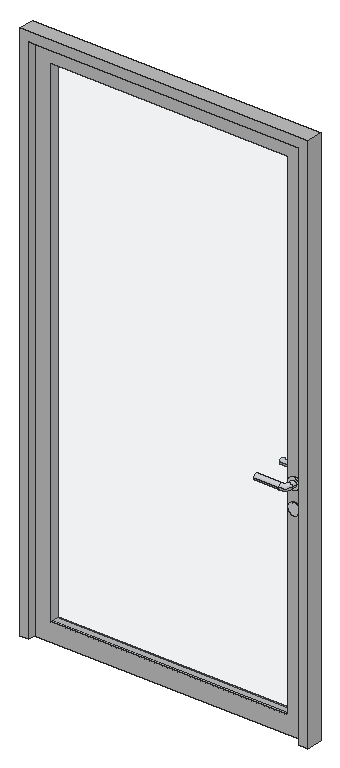
Revit family "BRU_Дверь_Однопольная_Алюминиевая", category Двери, Revit 2021
Family settings
  Основа = Стена
  Номер OmniClass = 23.30.10.00
  Заголовок OmniClass = Doors
  Всегда вертикально = Да
  При загрузке вырезать с полостями = Нет
  Общий = Нет
  Точка принадлежности помещению = Нет
Parameters (values of type "ДАВ-О-Вн 1300х2400(h) Пр")
  Четверть сверху.Размер [instance] = 30 mm
  Четверть (есть/нет) [instance] = no
  Четверть сверху [instance] = if([Четверть (есть/нет)], Четверть сверху.Размер, 0 mm)  # 0 mm
  Четверть сбоку [instance] = if([Четверть (есть/нет)], Четверти сбоку.Размер, 0 mm)  # 0 mm
  Четверти сбоку.Размер [instance] = 30 mm
  Угол в плане 30 [instance] = yes
  Тип полотна двери = Полотно : Остекленное
  Ручка двери = none
  Рама двери.Ширина справа = 80 mm
  Рама двери.Ширина слева = 80 mm
  Рама двери.Ширина внизу = 80 mm
  Рама двери.Ширина вверху = 80 mm
  Полотно двери. Высота = Height - Коробка.Ширина - 20 mm  # 2350 mm
  Площадь [instance] = Rough Width * Rough Height  # 2.9988 m²
  Откосы.Ширина [instance] = 530 mm
  Define Thermal Properties by = 1
  Fire Rating = ""
  О_Обозначение = ""
  О_Наименование = ""
  Монтажный зазор снизу.Толщина [instance] = 130 mm
  Монтажный зазор сверху.Толщина = 20 mm
  Коробка.Ширина = 30 mm
  Коробка.Толщина = 70 mm
  Правая = yes
  Полотно.Толщина = 40 mm
  Полотно двери = none
  Остекление двери = none
  Наличник.Ширина [instance] = 60 mm
  Наличник.Толщина [instance] = 10 mm
  Наличник снаружи (есть/нет) [instance] = no
  Наличник внутри (есть/нет) [instance] = no
  Монтажный зазор сбоку.Толщина = 20 mm
  Type Comments = ""
  Глубина выреза проема наружу [instance] = 200 mm
  Глубина выреза проема внутрь [instance] = 200 mm
  Глубина вставки двери [instance] = 0 mm
  Левая = not(Правая)  # no
  Защитное ограждение (есть/нет) = no
  Огибание наружных слоев [instance] = 0 mm
  Width = 1300 mm
  Rough Width [instance] = Width - Монтажный зазор сбоку.Толщина * 2  # 1260 mm
  Rough Height [instance] = Height - Монтажный зазор сверху.Толщина  # 2380 mm
  Группа модели = "Дверь остекленная без порога"
  Manufacturer = ""
  Wall Closure = (empty or 0)
  Height = 2400 mm
  Description = ""
  Тип конструкций = "Дверь стальная"
  Аналитическая конструкция = "<Нет>"
  BRU_ДверьТип = "BRU_Дверь_Однопольная_Алюминиевая_МОП"
  ADSK_Этаж [instance] = ""
  ADSK_Толщина стены [instance] = 0 mm
  ADSK_Примечание [instance] = ""
  ADSK_Предел огнестойкости = "-"
  ADSK_Позиция [instance] = ""
  ADSK_Открывание = if(Правая, "Правая", "Левая")  # "Правая"
  ADSK_Обозначение = "ГОСТ 6629-88"  # constant formula
  ADSK_Наименование краткое = ""
  ADSK_Наименование = "ДАВ-О-Вн 1300х2400(h)"
  ADSK_Масса_Текст = ""
  ADSK_Количество [instance] = 0
  ADSK_Код изделия = ""
  ADSK_Зона [instance] = ""
  ADSK_Завод-изготовитель = ""
  ADSK_Единица измерения = ""
  ADSK_Группирование [instance] = ""
  ADSK_URL страницы изделия = ""
  ADSK_URL документации изделия = ""
Types (10, lengths in mm): name | Полотно двери. Высота | Площадь | Правая | Левая | Width | Rough Width | Rough Height | Группа модели | Height | BRU_ДверьТип | ADSK_Предел огнестойкости | ADSK_Открывание | ADSK_Наименование
  ДАВ-О-Н-EIW30 1150х2100(h) Л | 2050 | 2.3088 m² | no | yes | 1150 | 1110 | 2080 | "Дверь остекленная без порога" | 2100 | "BRU_Дверь_Однопольная_Алюминиевая_МОП_Противопожарная" | "EIW30" | "Левая" | "ДАВ-О-Н-EIW30 1150х2100(h)"
  ДАВ-О-Н-EIW30 1150х2100(h) Пр | 2050 | 2.3088 m² | yes | no | 1150 | 1110 | 2080 | "Дверь остекленная без порога" | 2100 | "BRU_Дверь_Однопольная_Алюминиевая_МОП_Противопожарная" | "EIW30" | "Правая" | "ДАВ-О-Н-EIW30 1150х2100(h)"
  ДАВ-О-Н-EIW30 1300х2400(h) Л | 2330 | 2.8792 m² | no | yes | 1260 | 1220 | 2360 | "Дверь остекленная без порога" | 2380 | "BRU_Дверь_Однопольная_Алюминиевая_МОП_Противопожарная" | "EIW30" | "Левая" | "ДАВ-О-Н-EIW30 1300х2400(h)"
  ДАВ-О-Вн 1300х2400(h) Пр | 2350 | 2.9988 m² | yes | no | 1300 | 1260 | 2380 | "Дверь остекленная без порога" | 2400 | "BRU_Дверь_Однопольная_Алюминиевая_МОП" | "-" | "Правая" | "ДАВ-О-Вн 1300х2400(h)"
  ДАВ-О-Вн 1300х2400(h) Л | 2350 | 2.9988 m² | no | yes | 1300 | 1260 | 2380 | "Дверь остекленная без порога" | 2400 | "BRU_Дверь_Однопольная_Алюминиевая_МОП" | "-" | "Левая" | "ДАВ-О-Вн 1300х2400(h)"
  ДАВ-О-Н-EIWS60 1300х2100(h) Пр | 2050 | 2.6208 m² | yes | no | 1300 | 1260 | 2080 | "Дверь остекленная с выпадающим порогом" | 2100 | "BRU_Дверь_Однопольная_Алюминиевая_МОП_Противопожарная" | "EIWS60" | "Правая" | "ДАВ-О-Н-EIWS60 1300х2100(h)"
  ДАВ-О-Н-EIWS60 1300х2100(h) Л | 2050 | 2.6208 m² | no | yes | 1300 | 1260 | 2080 | "Дверь остекленная с выпадающим порогом" | 2100 | "BRU_Дверь_Однопольная_Алюминиевая_МОП_Противопожарная" | "EIWS60" | "Левая" | "ДАВ-О-Н-EIWS60 1300х2100(h)"
  ДАВ-О-Вн-EIW30 1300х2400(h) Пр | 2350 | 2.9988 m² | yes | no | 1300 | 1260 | 2380 | "Дверь остекленная без порога" | 2400 | "BRU_Дверь_Однопольная_Алюминиевая_МОП_Противопожарная" | "EIW30" | "Правая" | "ДАВ-О-Вн-EIW30 1300х2400(h)"
  ДАВ-О-Вн-EIW30 1300х2400(h) Л | 2050 | 2.6208 m² | no | yes | 1300 | 1260 | 2080 | "Дверь остекленная без порога" | 2100 | "BRU_Дверь_Однопольная_Алюминиевая_МОП_Противопожарная" | "EIW30" | "Левая" | "ДАВ-О-Вн-EIW30 1300х2400(h)"
  ДАВ-О-Н-EIW30 1300х2400(h) Пр | 2330 | 2.8792 m² | yes | no | 1260 | 1220 | 2360 | "Дверь остекленная без порога" | 2380 | "BRU_Дверь_Однопольная_Алюминиевая_МОП_Противопожарная" | "EIW30" | "Правая" | "ДАВ-О-Н-EIW30 1300х2400(h)"
Reference planes
  plane 1: y = 0
  plane 2 "По центру (Влево/Вправо)": x = 0
  plane 3 "Слева": x = -630
  plane 4 "Справа": x = 630
  plane 5: z = 2530
  plane 6 "Наружный": y = 300
  plane 7 "Внутренние": y = -300
  plane 8 "Вставка двери": y = 300
  plane 9 "Четверть слева": x = -630
  plane 10 "Четверть справа": x = 630
  plane 11 "Четверть сверху": z = 2530
  plane 12 "Полотно двери": y = 260
  plane 13 "Рама внутри": y = 230
  plane 14 "Монтажный зазор слева": x = -650
  plane 15 "Монтажный зазор справа": x = 650
  plane 16 "Монтажный зазор сверху": z = 2510
  plane 17 "Глубина огибания наружного слоя": y = 300
  plane 18: y = 310
  plane 19: x = 620
  plane 20: y = -310
  plane 21: x = -620
  plane 22: y = 500
  plane 23: y = -500
  plane 24 "2": z = 130
Forms (mm)
  Extrusion 1, void
    sketch origin (0, 0, 0) x (1, 0, 0) y (0, 1, 0)
      loop
        line (650, 300) -> (-650, 300) -> (-650, -500) -> (650, -500) -> (650, 300)
    from 0 to 2530
  Extrusion 2, void
    sketch origin (0, 0, 0) x (1, 0, 0) y (0, 1, 0)
      loop
        line (650, 500) -> (-650, 500) -> (-650, 300) -> (650, 300) -> (650, 500)
    from 0 to 2530
  Sweep 3, solid, material <- "Полотно двери", visible <- "Наличник снаружи (есть/нет)", detail levels fine
    path origin (0, 300, 0) x (1, 0, 0) y (0, 0, 1)
      loop
        line (-630, 130) -> (-630, 2530) -> (630, 2530) -> (630, 130)
    profile origin (-630, 300, 1330) x (-1, 0, 0) y (0, -1, 0)
      loop
        line (-10, 0) -> (-10, -5)
        arc (-10, -5) -> (-8.536, -8.536) -> (-5, -10) r 5
        line (-5, -10) -> (45, -10)
        arc (45, -10) -> (48.536, -8.536) -> (50, -5) r 5
        line (50, -5) -> (50, 0) -> (-10, 0)
  Sweep 4, solid, material <- "Полотно двери", visible <- "Наличник внутри (есть/нет)", detail levels fine
    path origin (0, -300, 0) x (1, 0, 0) y (0, 0, 1)
      loop
        line (-630, 130) -> (-630, 2530) -> (630, 2530) -> (630, 130)
    profile origin (-630, -300, 1330) x (-1, 0, 0) y (0, -1, 0)
      loop
        line (20, 0) -> (80, 0) -> (80, 5)
        arc (80, 5) -> (78.536, 8.536) -> (75, 10) r 5
        line (75, 10) -> (25, 10)
        arc (25, 10) -> (21.464, 8.536) -> (20, 5) r 5
        line (20, 5) -> (20, 0)
  Sweep 5, solid, material <- "Полотно двери"
    path origin (0, 300, 0) x (-1, 0, 0) y (0, 0, 1)
      loop
        line (630, 130) -> (630, 2510) -> (-630, 2510) -> (-630, 130)
    profile origin (630, 300, 1320) x (0, 1, 0) y (-1, 0, 0)
      loop
        line (0, 0) -> (0, 30) -> (-40, 30) -> (-40, 40) -> (-70, 40) -> (-70, 0) -> (0, 0)
  Sweep 6, solid, material <- "Полотно двери", visible <- "Наличник снаружи (есть/нет)", detail levels fine
    path origin (0, 300, 0) x (-1, 0, 0) y (0, 0, 1)
      loop
        line (630, 130) -> (630, 2530) -> (-630, 2530) -> (-630, 130)
    profile origin (630, 300, 1330) x (0, 1, 0) y (-1, 0, 0)
      loop
        line (5, 0) -> (5, 10) -> (0, 10) -> (0, 0) -> (5, 0)
Cuts and joins
  joined: Sweep 3, Sweep 6
Lines and regions (mm)
  Masking region 1, detail levels fine
    outline origin (0, 0, 0) x (0, 1, 0) y (0, 0, 1)
      loop
        line (230, 2470) -> (260, 2470) -> (260, 2480) -> (300, 2480) -> (300, 2510) -> (230, 2510) -> (230, 2470)
  Masking region 2, detail levels fine
    outline origin (0, 0, 0) x (0, 1, 0) y (0, 0, 1)
      loop
        line (300, 130) -> (300, 2480) -> (260, 2480) -> (260, 130) -> (300, 130)
  Masking region 3, detail levels fine
    outline origin (0, 0, 0) x (0, 1, 0) y (0, 0, 1)
      loop
        line (230, 2470) -> (230, 130) -> (260, 130) -> (260, 2470) -> (230, 2470)
  Masking region 4, detail levels coarse+medium
    outline origin (0, 0, 0) x (0, 1, 0) y (0, 0, 1)
      loop
        line (300, 130) -> (300, 2530) -> (230, 2530) -> (230, 130) -> (300, 130)
  symbolic lines
    curve 1: line (650, 300, 130) -> (650, 300, 2530)
    curve 2: line (650, 300, 2530) -> (-650, 300, 2530)
    curve 3: line (-650, 300, 2530) -> (-650, 300, 130)
  model lines
    curve 4: line (650, 300, 130) -> (630, 300, 130)
    curve 5: line (-650, 300, 130) -> (-630, 300, 130)
Text (mm)
  text "Наружный" at (-2295.016, 1099.543, 0), in view "Опорный уровень"
  text "Наружный" at (0, 1615.38, 3698.081), in view "Слева"
  text "Наружный" at (0, 1036.032, 3874.932), in view "Справа"
Dimensions and locks
  equal spacing: plane 14 "Монтажный зазор слева", plane 2 "По центру (Влево/Вправо)", plane 15 "Монтажный зазор справа"
  "Width": plane 14 "Монтажный зазор слева" to plane 15 "Монтажный зазор справа"
  "Rough Height": plane 16 "Монтажный зазор сверху" to plane 24 "2"
  host wall to plane 5 = 2530 mm  (x2)
  locked: plane 6 "Наружный" to host wall
  locked: plane 7 "Внутренние" to host wall
  "Четверть сбоку": plane 3 "Слева" to plane 9 "Четверть слева"
  "Четверть сбоку": plane 10 "Четверть справа" to plane 4 "Справа"
  "Глубина вставки двери": plane 6 "Наружный" to plane 8 "Вставка двери"
  "Наличник.Ширина": Sweep 3 sketch curve to plane 21
  "Коробка.Толщина": plane 8 "Вставка двери" to plane 13 "Рама внутри"
  "Полотно.Толщина": plane 8 "Вставка двери" to plane 12 "Полотно двери"
  "Огибание наружных слоев": plane 6 "Наружный" to plane 17 "Глубина огибания наружного слоя"
  "Наличник.Ширина": Sweep 4 sketch curve to Sweep 4 sketch curve
  locked: Sweep 4 sketch curve to Sweep 4 sketch curve at 5  (x4)
  locked: Sweep 3 sketch curve to Sweep 3 sketch curve at 5
  "Коробка.Ширина": Sweep 5 sketch curve to profile plane
  locked: Sweep 5 sketch curve to Sweep 5 sketch curve at 10
  "Наличник.Толщина": plane 7 "Внутренние" to plane 20
  "Наличник.Толщина": plane 18 to plane 6 "Наружный"
  "Наличник.Толщина": plane 9 "Четверть слева" to plane 21
  "Наличник.Толщина": plane 19 to plane 10 "Четверть справа"
  locked: plane 18 to Sweep 3 sketch curve at 5  (x2)
  locked: Sweep 3 sketch curve to plane 21 at 5
  locked: plane 18 to Sweep 6 sketch curve at 5
  "Откосы.Ширина": plane 7 "Внутренние" to plane 13 "Рама внутри"
  equal spacing: plane 3 "Слева", plane 2 "По центру (Влево/Вправо)", plane 4 "Справа"
  "Rough Width": plane 3 "Слева" to plane 4 "Справа"
  "Глубина выреза проема внутрь": plane 23 to plane 7 "Внутренние"
  "Глубина выреза проема наружу": plane 6 "Наружный" to plane 22
  "Монтажный зазор снизу.Толщина": level to plane 24 "2"
  "Монтажный зазор сверху.Толщина": plane 5 to plane 16 "Монтажный зазор сверху"
  "Четверть сверху": plane 5 to plane 11 "Четверть сверху"
  aligned and locked: plane 1 to host wall
  aligned and locked: plane 8 "Вставка двери" to Extrusion 1 sketch curve
  aligned and locked: Extrusion 1 to level
  aligned and locked: Extrusion 1 to plane 5
  aligned and locked: Extrusion 2 sketch curve to plane 8 "Вставка двери"
  aligned and locked: Extrusion 2 to level
  aligned and locked: plane 9 "Четверть слева" to Sweep 3 sketch curve
  aligned and locked: plane 11 "Четверть сверху" to Sweep 3 sketch curve
  aligned and locked: plane 10 "Четверть справа" to Sweep 3 sketch curve
  aligned and locked: Sweep 4 sketch curve to plane 3 "Слева"
  aligned and locked: Sweep 4 sketch curve to plane 5
  aligned and locked: Sweep 4 sketch curve to plane 4 "Справа"
  aligned and locked: Sweep 4 sketch curve to plane 7 "Внутренние"
  aligned and locked: Sweep 5 sketch curve to plane 16 "Монтажный зазор сверху"
  aligned and locked: profile plane to Sweep 5 sketch curve
  aligned and locked: plane 13 "Рама внутри" to Sweep 5 sketch curve
  aligned and locked: plane 8 "Вставка двери" to Sweep 5 sketch curve
  aligned and locked: plane 12 "Полотно двери" to Sweep 5 sketch curve
  aligned and locked: plane 12 "Полотно двери" to nested 1
  aligned and locked: nested 1 to plane 8 "Вставка двери"
  aligned and locked: Sweep 5 to nested 1
  aligned and locked: nested 1 to Sweep 5
  aligned and locked: plane 2 "По центру (Влево/Вправо)" to nested 2
  aligned and locked: nested 2 to plane 8 "Вставка двери"
  aligned and locked: plane 12 "Полотно двери" to nested 2
  aligned and locked: plane 13 "Рама внутри" to nested 2
  aligned and locked: plane 2 "По центру (Влево/Вправо)" to nested 3
  aligned and locked: plane 8 "Вставка двери" to nested 3
  aligned and locked: nested 3 to plane 12 "Полотно двери"
  aligned and locked: nested 3 to plane 13 "Рама внутри"
  aligned and locked: Sweep 4 sketch curve to plane 14 "Монтажный зазор слева"
  aligned and locked: profile plane to Sweep 3 sketch curve
  aligned and locked: Sweep 6 sketch curve to plane 11 "Четверть сверху"
  aligned and locked: plane 10 "Четверть справа" to Sweep 6 sketch curve  (x2)
  aligned and locked: plane 9 "Четверть слева" to Sweep 6 sketch curve
  aligned and locked: plane 8 "Вставка двери" to Sweep 6 sketch curve
  aligned and locked: plane 20 to Sweep 4 sketch curve
  aligned and locked: plane 18 to Sweep 3 sketch curve
  aligned and locked: Sweep 6 sketch curve to plane 19
  aligned and locked: Masking region 1 sketch curve to Sweep 5  (x2)
  aligned and locked: plane 12 "Полотно двери" to Masking region 1 sketch curve
  aligned and locked: plane 13 "Рама внутри" to Masking region 1 sketch curve
  aligned and locked: plane 8 "Вставка двери" to Masking region 1 sketch curve
  aligned and locked: plane 16 "Монтажный зазор сверху" to Masking region 1 sketch curve
  aligned and locked: plane 8 "Вставка двери" to Masking region 2 sketch curve
  aligned and locked: plane 12 "Полотно двери" to Masking region 2 sketch curve
  aligned and locked: Masking region 2 sketch curve to Sweep 5
  aligned and locked: Masking region 3 sketch curve to Sweep 5
  aligned and locked: plane 13 "Рама внутри" to Masking region 3 sketch curve
  aligned and locked: plane 12 "Полотно двери" to Masking region 3 sketch curve
  aligned and locked: plane 8 "Вставка двери" to Masking region 4 sketch curve
  aligned and locked: plane 13 "Рама внутри" to Masking region 4 sketch curve
  aligned and locked: plane 5 to Masking region 4 sketch curve
  aligned and locked: plane 22 to Extrusion 2 sketch curve
  aligned and locked: Extrusion 1 sketch curve to plane 23
  aligned and locked: plane 24 "2" to Sweep 5 sketch curve  (x2)
  aligned and locked: plane 24 "2" to Sweep 3 sketch curve  (x2)
  aligned and locked: plane 24 "2" to Sweep 6 sketch curve  (x2)
  aligned and locked: plane 24 "2" to Sweep 4 sketch curve  (x2)
  aligned and locked: Masking region 4 sketch curve to plane 24 "2"
  aligned and locked: Masking region 3 sketch curve to plane 24 "2"
  aligned and locked: Masking region 2 sketch curve to plane 24 "2"
  aligned and locked: plane 14 "Монтажный зазор слева" to Extrusion 2 sketch curve
  aligned and locked: Extrusion 2 sketch curve to plane 15 "Монтажный зазор справа"
  aligned and locked: Sweep 5 sketch curve to plane 3 "Слева"
  aligned and locked: Sweep 5 sketch curve to plane 4 "Справа"
  aligned and locked: Extrusion 2 to plane 5
  aligned and locked: nested 1 to plane 24 "2"
Automatic sketch dimensions
  Extrusion 1 sketch curve to plane 14 "Монтажный зазор слева" = 0 mm
  Extrusion 1 sketch curve to plane 15 "Монтажный зазор справа" = 0 mm
  curve 1 to plane 5 = 0 mm
  plane 15 "Монтажный зазор справа" to curve 1 = 0 mm
  plane 4 "Справа" to curve 4 = 0 mm
  plane 3 "Слева" to curve 5 = 0 mm
  plane 14 "Монтажный зазор слева" to curve 2 = 0 mm
  curve 1 to plane 24 "2" = 0 mm
  curve 3 to plane 24 "2" = 0 mm
Nested families
  nested 1: "Полотно" at (0, 300, 130), type <- "Тип полотна двери", Полотно двери.Высота <- "Полотно двери. Высота", type "Остекленное"
    with Полотно двери.Ширина 1200 mm, Полотно двери.Толщина 40 mm, Полотно двери.Высота 2350 mm
  nested 2: "Обозначение на плане" at (0, 300, 0), Ширина двери <- "Width", visible <- "Правая", Монтажный зазор <- "Монтажный зазор сбоку.Толщина", Ширина коробки <- "Коробка.Ширина", Толщина полотна двери <- "Полотно.Толщина", Толщина коробки <- "Коробка.Толщина", type "По-умолчанию"
    with Ширина полотна двери 1200 mm, Ширина коробки 30 mm, Ширина двери 1300 mm, Толщина полотна двери 40 mm, Толщина коробки 70 mm, Монтажный зазор 20 mm
  nested 3: "Обозначение на плане" at (0, 300, 0) x (-1, 0, 0) z (0, 0, 1), Ширина двери <- "Width", visible <- "Левая", Монтажный зазор <- "Монтажный зазор сбоку.Толщина", Ширина коробки <- "Коробка.Ширина", Толщина полотна двери <- "Полотно.Толщина", Толщина коробки <- "Коробка.Толщина", type "По-умолчанию"
    with Ширина полотна двери 1200 mm, Ширина коробки 30 mm, Ширина двери 1300 mm, Толщина полотна двери 40 mm, Толщина коробки 70 mm, Монтажный зазор 20 mm
Definition of nested family "Полотно"
  Parameters (values of type "Глухое")
    Ручка.Отступ от края = 50 mm
    Ручка.Высота расположения = 1000 mm
    Ручка двери = none
    Рама справа.Ширина = 150 mm
    Рама слева.Ширина = 150 mm
    Рама внизу.Ширина = 600 mm
    Рама вверху.Ширина = 150 mm
    Правая = yes
    Полотно остекленное = no
    Полотно двери.Ширина [instance] = 1000 mm
    Полотно двери.Толщина [instance] = 40 mm
    Полотно двери.Высота [instance] = 2100 mm
    Полотно двери = none
    Полотно глухое = yes
    Остекление двери = none
    Левая = not(Правая)  # no
    Защитные ограждения = no
    Analytic Construction = "<Нет>"
  Types (2, lengths in mm): name | Рама справа.Ширина | Рама слева.Ширина | Рама внизу.Ширина | Рама вверху.Ширина | Полотно остекленное | Полотно глухое
    Глухое | 150 | 150 | 600 | 150 | no | yes
    Остекленное | 80 | 80 | 80 | 80 | yes | no
  Reference planes
    plane 1 "Center (Front/Back)": y = 0
    plane 2: z = 0
    plane 3 "Center (Left/Right)": x = 0
    plane 4: x = -500
    plane 5: x = 500
    plane 6 "Back": y = -40
    plane 7: z = 2100
    plane 8 "Высота расположения ручки": z = 1000
    plane 9 "Отступ ручки справа": x = 450
    plane 10 "Отступ ручки слева": x = -450
    plane 11 "Остекление снаружи": y = -8
    plane 12 "Остекление внутри": y = -32
    plane 13 "Ширина рамы справа": x = -350
    plane 14 "Ширина рамы слева": x = 350
    plane 15 "Ширина рамы внизу": z = 600
    plane 16 "Ширина рамы вверху": z = 1950
    plane 17: z = 950
    plane 18: z = 800
    plane 19: z = 650
    plane 20: z = 1050
  Forms (mm)
    Extrusion 1, solid, material <- "Полотно двери", visible <- "Полотно глухое"
      sketch origin (0, 0, 0) x (1, 0, 0) y (0, 0, 1)
        loop
          line (-500, 2100) -> (-500, 0) -> (500, 0) -> (500, 2100) -> (-500, 2100)
      from 0 to 40 <- "Полотно двери.Толщина"
    Extrusion 2, solid, material <- "Полотно двери", visible <- "Полотно остекленное"
      sketch origin (0, 0, 0) x (1, 0, 0) y (0, 0, 1)
        loop
          line (-500, 2100) -> (-500, 0) -> (500, 0) -> (500, 2100) -> (-500, 2100)
        loop
          line (-350, 600) -> (350, 600) -> (350, 1950) -> (-350, 1950) -> (-350, 600)
      from 0 to 40
    Extrusion 3, solid, material <- "Остекление двери", visible <- "Полотно остекленное"
      sketch origin (-646.608, -8, 1200) x (-1, 0, 0) y (0, 0, 1)
        loop
          line (-296.608, 750) -> (-996.608, 750) -> (-996.608, -600) -> (-296.608, -600) -> (-296.608, 750)
      from 0 to -24
    Sweep 4, solid, material <- "Ручка двери", visible <- "Защитные ограждения", detail levels medium+fine
      path origin (-858.179, -1524, 950) x (-1, 0, 0) y (0, -1, 0)
        loop
          arc (-478.179, -1469) -> (-482.572, -1458.393) -> (-493.179, -1454) r 15
          line (-493.179, -1454) -> (-1223.179, -1454)
          arc (-1223.179, -1454) -> (-1233.785, -1458.393) -> (-1238.179, -1469) r 15
          line (-1238.179, -1469) -> (-1238.179, -1539)
          arc (-1238.179, -1539) -> (-1233.785, -1549.607) -> (-1223.179, -1554) r 15
          line (-1223.179, -1554) -> (-493.179, -1554)
          arc (-493.179, -1554) -> (-482.572, -1549.607) -> (-478.179, -1539) r 15
          line (-478.179, -1539) -> (-478.179, -1469)
      profile origin (-380, -20, 950) x (-1, 0, 0) y (0, 0, 1)
        loop
          circle (0, 0) r 10
    Sweep 5, solid, material <- "Ручка двери", visible <- "Защитные ограждения", detail levels medium+fine
      path origin (-858.179, -1524, 800) x (-1, 0, 0) y (0, -1, 0)
        loop
          arc (-478.179, -1469) -> (-482.572, -1458.393) -> (-493.179, -1454) r 15
          line (-493.179, -1454) -> (-1223.179, -1454)
          arc (-1223.179, -1454) -> (-1233.785, -1458.393) -> (-1238.179, -1469) r 15
          line (-1238.179, -1469) -> (-1238.179, -1539)
          arc (-1238.179, -1539) -> (-1233.785, -1549.607) -> (-1223.179, -1554) r 15
          line (-1223.179, -1554) -> (-493.179, -1554)
          arc (-493.179, -1554) -> (-482.572, -1549.607) -> (-478.179, -1539) r 15
          line (-478.179, -1539) -> (-478.179, -1469)
      profile origin (-380, -20, 800) x (-1, 0, 0) y (0, 0, 1)
        loop
          circle (0, 0) r 10
    Sweep 6, solid, material <- "Ручка двери", visible <- "Защитные ограждения", detail levels medium+fine
      path origin (-858.179, -1524, 650) x (-1, 0, 0) y (0, -1, 0)
        loop
          arc (-478.179, -1469) -> (-482.572, -1458.393) -> (-493.179, -1454) r 15
          line (-493.179, -1454) -> (-1223.179, -1454)
          arc (-1223.179, -1454) -> (-1233.785, -1458.393) -> (-1238.179, -1469) r 15
          line (-1238.179, -1469) -> (-1238.179, -1539)
          arc (-1238.179, -1539) -> (-1233.785, -1549.607) -> (-1223.179, -1554) r 15
          line (-1223.179, -1554) -> (-493.179, -1554)
          arc (-493.179, -1554) -> (-482.572, -1549.607) -> (-478.179, -1539) r 15
          line (-478.179, -1539) -> (-478.179, -1469)
      profile origin (-380, -20, 650) x (-1, 0, 0) y (0, 0, 1)
        loop
          circle (0, 0) r 10
  Lines and regions (mm)
    symbolic lines, visible <- "Правая", detail levels medium
      curve 1: line (-500, 0, 0) -> (500, 0, 1050)
      curve 2: line (500, 0, 1050) -> (-500, 0, 2100)
    symbolic lines, visible <- "Левая", detail levels medium
      curve 3: line (500, 0, 0) -> (-500, 0, 1050)
      curve 4: line (-500, 0, 1050) -> (500, 0, 2100)
  Dimensions and locks
    "Полотно двери.Толщина": plane 1 "Center (Front/Back)" to plane 6 "Back"
    equal spacing: plane 4, plane 3 "Center (Left/Right)", plane 5
    "Полотно двери.Ширина": plane 4 to plane 5
    "Полотно двери.Высота": plane 7 to plane 2
    "Ручка.Высота расположения": plane 8 "Высота расположения ручки" to level
    "Ручка.Отступ от края": plane 5 to plane 9 "Отступ ручки справа"
    "Ручка.Отступ от края": plane 10 "Отступ ручки слева" to plane 4
    locked: plane 12 "Остекление внутри" to plane 6 "Back" at 8
    locked: plane 1 "Center (Front/Back)" to plane 11 "Остекление снаружи" at 8
    "Рама вверху.Ширина": plane 7 to plane 16 "Ширина рамы вверху"
    "Рама внизу.Ширина": plane 15 "Ширина рамы внизу" to plane 2
    "Рама справа.Ширина": plane 5 to plane 14 "Ширина рамы слева"
    "Рама слева.Ширина": plane 13 "Ширина рамы справа" to plane 4
    locked: plane 17 to plane 2 at 950
    plane 17 to plane 18 to plane 19 = 150 mm locked, 150 mm locked
    locked: plane 1 "Center (Front/Back)" to Sweep 4 sketch curve at 30
    locked: Sweep 4 sketch curve to profile plane at 0
    locked: profile plane to Sweep 4 sketch curve at 0
    locked: Sweep 4 sketch curve to plane 6 "Back" at 30
    locked: Sweep 5 sketch curve to profile plane at 0
    locked: profile plane to Sweep 5 sketch curve at 0
    locked: Sweep 5 sketch curve to plane 6 "Back" at 30
    locked: plane 1 "Center (Front/Back)" to Sweep 5 sketch curve at 30
    locked: Sweep 6 sketch curve to profile plane at 0
    locked: profile plane to Sweep 6 sketch curve at 0
    locked: Sweep 6 sketch curve to plane 6 "Back" at 30
    locked: plane 1 "Center (Front/Back)" to Sweep 6 sketch curve at 30
    equal spacing: plane 7, plane 20, plane 2
    locked: Sweep 4 sketch curve to plane 13 "Ширина рамы справа" at 30
    locked: plane 14 "Ширина рамы слева" to Sweep 4 sketch curve at 30
    locked: plane 14 "Ширина рамы слева" to Sweep 5 sketch curve at 30
    locked: Sweep 5 sketch curve to plane 13 "Ширина рамы справа" at 30
    locked: Sweep 6 sketch curve to plane 13 "Ширина рамы справа" at 30
    locked: plane 14 "Ширина рамы слева" to Sweep 6 sketch curve at 30
    locked: Sweep 4 sketch curve to Sweep 4 sketch curve at 15  (x8)
    locked: Sweep 5 sketch curve to Sweep 5 sketch curve at 15  (x8)
    locked: Sweep 6 sketch curve to Sweep 6 sketch curve at 15  (x8)
    aligned and locked: level to plane 2
    aligned and locked: Extrusion 1 sketch curve to plane 7
    aligned and locked: plane 4 to Extrusion 1 sketch curve
    aligned and locked: plane 2 to Extrusion 1 sketch curve
    aligned and locked: Extrusion 1 sketch curve to plane 5
    aligned and locked: Extrusion 1 to plane 1 "Center (Front/Back)"
    aligned and locked: Extrusion 1 to plane 6 "Back"
    aligned and locked: nested 1 to plane 10 "Отступ ручки слева"
    aligned and locked: plane 1 "Center (Front/Back)" to nested 1
    aligned and locked: plane 6 "Back" to nested 1
    aligned and locked: plane 8 "Высота расположения ручки" to nested 1
    aligned and locked: nested 2 to plane 1 "Center (Front/Back)"
    aligned and locked: nested 2 to plane 6 "Back"
    aligned and locked: nested 2 to plane 9 "Отступ ручки справа"
    aligned and locked: nested 2 to plane 8 "Высота расположения ручки"
    aligned and locked: Extrusion 2 sketch curve to plane 4
    aligned and locked: Extrusion 2 sketch curve to plane 5
    aligned and locked: Extrusion 2 sketch curve to plane 7
    aligned and locked: Extrusion 2 sketch curve to plane 2
    aligned and locked: Extrusion 2 sketch curve to plane 15 "Ширина рамы внизу"
    aligned and locked: Extrusion 2 sketch curve to plane 13 "Ширина рамы справа"
    aligned and locked: Extrusion 2 sketch curve to plane 14 "Ширина рамы слева"
    aligned and locked: Extrusion 2 sketch curve to plane 16 "Ширина рамы вверху"
    aligned and locked: Extrusion 2 to plane 1 "Center (Front/Back)"
    aligned and locked: Extrusion 2 to plane 6 "Back"
    aligned and locked: plane 13 "Ширина рамы справа" to Extrusion 3 sketch curve
    aligned and locked: plane 14 "Ширина рамы слева" to Extrusion 3 sketch curve
    aligned and locked: plane 16 "Ширина рамы вверху" to Extrusion 3 sketch curve
    aligned and locked: plane 15 "Ширина рамы внизу" to Extrusion 3 sketch curve
    aligned and locked: Extrusion 3 to plane 11 "Остекление снаружи"
    aligned and locked: Extrusion 3 to plane 12 "Остекление внутри"
    aligned and locked: plane 4 to curve 1
    aligned and locked: plane 2 to curve 1
    aligned and locked: plane 5 to curve 2
    aligned and locked: plane 20 to curve 1
    aligned and locked: plane 7 to Extrusion 2
    aligned and locked: plane 4 to Extrusion 2
  Automatic sketch dimensions
    curve 3 to plane 4 = 0 mm
    curve 2 to plane 4 = 0 mm
    curve 3 to level = 0 mm
    curve 3 to plane 5 = 0 mm
    curve 4 to plane 5 = 0 mm
    curve 4 to plane 20 = 0 mm
    curve 4 to plane 7 = 0 mm
    curve 2 to plane 7 = 0 mm
    radius of Sweep 4 sketch curve = 10 mm
    radius of Sweep 5 sketch curve = 10 mm
    radius of Sweep 6 sketch curve = 10 mm
  Nested families
    nested 1: "Дверная ручка" at (-450, 0, 1000), visible <- "Левая", Полотно двери.Толщина <- "Полотно двери.Толщина", type "Дверная ручка", detail levels fine
      with Полотно двери.Толщина 40 mm
    nested 2: "Дверная ручка" at (450, 0, 1000) x (-1, 0, 0) z (0, 0, 1), visible <- "Правая", Полотно двери.Толщина <- "Полотно двери.Толщина", type "Дверная ручка", detail levels fine
      with Полотно двери.Толщина 40 mm
  Definition of nested family "Дверная ручка"
    Parameters (values of type "Дверная ручка")
      Полотно двери.Толщина [instance] = 40 mm
      Дверная ручка = none
      Analytic Construction = "<Нет>"
    Reference planes
      plane 1 "Center (Front/Back)": y = 0
      plane 2: z = 0
      plane 3 "Center (Left/Right)": x = 0
      plane 4: y = -40
      plane 5: z = -100
    Forms (mm)
      Sweep 1, solid, material <- "Дверная ручка", detail levels medium+fine
        path origin (0, 0, 0) x (1, 0, 0) y (0, 1, 0)
          loop
            line (130, 50) -> (20, 50)
            arc (20, 50) -> (5.858, 44.142) -> (0, 30) r 20
            line (0, 30) -> (0, -70)
            arc (0, -70) -> (5.858, -84.142) -> (20, -90) r 20
            line (20, -90) -> (130, -90)
        profile origin (0, -20, 0) x (1, 0, 0) y (0, 0, 1)
          loop
            circle (0, 0) r 12
      Extrusion 2, solid, material <- "Дверная ручка", detail levels medium+fine
        sketch origin (-2000, -40, 1200) x (-1, 0, 0) y (0, 0, 1)
          loop
            circle (-2000, -1200) r 25
        from 48 to -8
      Extrusion 3, solid, material <- "Дверная ручка", detail levels medium+fine
        sketch origin (-2000, -40, 1100) x (-1, 0, 0) y (0, 0, 1)
          loop
            circle (-2000, -1200) r 25
        from 48 to -8
    Cuts and joins
      joined: Sweep 1, Extrusion 2
    Dimensions and locks
      "Полотно двери.Толщина": plane 1 "Center (Front/Back)" to plane 4
      locked: Sweep 1 sketch curve to plane 4 at 50
      locked: plane 1 "Center (Front/Back)" to Sweep 1 sketch curve at 50
      locked: plane 4 to Sweep 1 sketch curve at 30
      locked: plane 1 "Center (Front/Back)" to Sweep 1 sketch curve at 30
      locked: plane 3 "Center (Left/Right)" to Sweep 1 sketch curve at 20  (x2)
      locked: plane 4 to Extrusion 2 at 8
      locked: Extrusion 3 sketch curve to plane 5 at 0
      locked: plane 3 "Center (Left/Right)" to Extrusion 3 sketch curve at 0
      locked: plane 1 "Center (Front/Back)" to cut or joined group of Sweep 1, Extrusion 2 at 8
      locked: Extrusion 3 to plane 1 "Center (Front/Back)" at 8
      aligned and locked: level to plane 2
      aligned and locked: Sweep 1 sketch curve to plane 3 "Center (Left/Right)"
    Automatic sketch dimensions
      Sweep 1 sketch curve to Sweep 1 sketch curve = 110 mm  (x2)
      Sweep 1 sketch curve to level = 0 mm
      profile plane to Sweep 1 sketch curve = 0 mm
      Extrusion 2 sketch curve to level = 0 mm
      Extrusion 2 sketch curve to plane 3 "Center (Left/Right)" = 0 mm
      radius of Sweep 1 sketch curve = 12 mm
      radius of Extrusion 2 sketch curve = 25 mm
      radius of Extrusion 3 sketch curve = 25 mm
Definition of nested family "Обозначение на плане"
  Parameters (values of type "По-умолчанию")
    Ширина полотна двери [instance] = Ширина двери - 60 mm - Монтажный зазор * 2  # 600 mm
    Ширина коробки [instance] = 30 mm
    Ширина двери [instance] = 700 mm
    Толщина полотна двери [instance] = 40 mm
    Толщина коробки [instance] = 80 mm
    Открывание двери.30° = yes
    Открывание двери.90° = not(Открывание двери.30°)  # no
    Монтажный зазор [instance] = 20 mm
    Линия открывания.Дуга = not(Открывание двери.30°)  # no
  Reference planes
    plane 1 "Center (Front/Back)": y = 0
    plane 2: z = 0
    plane 3 "Center (Left/Right)": x = 0
    plane 4: x = -350
    plane 5: x = 350
    plane 6 "Толщина коробки": y = -80
    plane 7 "Толщина полотна": y = -40
    plane 8: x = -330
    plane 9: x = 330
    plane 10: x = -300
    plane 11: x = 300
  Lines and regions (mm)
    Masking region 1, in view "Ref. Level", visible <- "Открывание двери.30°", detail levels fine
      outline origin (0, 0, 0) x (1, 0, 0) y (0, 1, 0)
        loop
          line (-300, 0) -> (-280, -34.641) -> (239.615, 265.359) -> (219.615, 300) -> (-300, 0)
    Masking region 2, in view "Ref. Level", visible <- "Открывание двери.90°", detail levels fine
      outline origin (0, 140, 0) x (1, 0, 0) y (0, 1, 0)
        loop
          line (-300, -140) -> (-260, -140) -> (-260, 460) -> (-300, 460) -> (-300, -140)
    Masking region 3, in view "Ref. Level", detail levels fine
      outline origin (0, 0, 0) x (1, 0, 0) y (0, 1, 0)
        loop
          line (-330, 0) -> (-350, 0) -> (-350, -80) -> (-330, -80) -> (-330, 0)
    Masking region 4, in view "Ref. Level", detail levels fine
      outline origin (0, 0, 0) x (1, 0, 0) y (0, 1, 0)
        loop
          line (-330, 0) -> (-330, -80) -> (-290, -80) -> (-290, -40) -> (-300, -40) -> (-300, 0) -> (-330, 0)
    Masking region 5, in view "Ref. Level", detail levels fine
      outline origin (0, 0, 0) x (1, 0, 0) y (0, 1, 0)
        loop
          line (330, 0) -> (330, -80) -> (350, -80) -> (350, 0) -> (330, 0)
    Masking region 6, in view "Ref. Level", detail levels fine
      outline origin (0, 0, 0) x (1, 0, 0) y (0, 1, 0)
        loop
          line (330, 0) -> (300, 0) -> (300, -40) -> (290, -40) -> (290, -80) -> (330, -80) -> (330, 0)
    Masking region 7, in view "Ref. Level", visible <- "Открывание двери.90°", detail levels fine
      outline origin (0, 140, 0) x (1, 0, 0) y (0, 1, 0)
        loop
          line (-300, -140) -> (-260, -140) -> (-260, 460) -> (-300, 460) -> (-300, -140)
    detail lines, in view "Ref. Level", visible <- "Открывание двери.90°", detail levels coarse+medium
      curve 1: line (-350, 0, 0) -> (-350, 700, 0)
    detail lines, in view "Ref. Level", visible <- "Линия открывания.Дуга", detail levels coarse+medium
      curve 2: arc (350, 0, 0) -> (144.975, 494.975, 0) -> (-350, 700, 0) r 700
    detail lines, in view "Ref. Level", visible <- "Открывание двери.30°", detail levels coarse+medium
      curve 3: line (-350, 0, 0) -> (256.218, 350, 0)
    detail lines, in view "Ref. Level", visible <- "Линия открывания.Дуга", detail levels fine
      curve 4: arc (300, 0, 0) -> (138.178, 409.878, 0) -> (-260, 598.665, 0) r 600
    detail lines, in view "Ref. Level", visible <- "Открывание двери.30°", detail levels fine
      curve 5: arc (300, 0, 0) -> (284.107, 137.181, 0) -> (237.271, 267.096, 0) r 600
  Dimensions and locks
    equal spacing: plane 4, plane 3 "Center (Left/Right)", plane 5
    "Ширина двери": plane 4 to plane 5
    "Ширина двери": plane 1 "Center (Front/Back)" to curve 1
    "Ширина двери": curve 3 to curve 3
    "Толщина полотна двери": plane 1 "Center (Front/Back)" to plane 7 "Толщина полотна"
    "Толщина коробки": plane 1 "Center (Front/Back)" to plane 6 "Толщина коробки"
    "Монтажный зазор": plane 4 to plane 8
    "Монтажный зазор": plane 9 to plane 5
    "Ширина полотна двери": Masking region 1 sketch curve to Masking region 1 sketch curve
    "Ширина полотна двери": Masking region 2 sketch curve to Masking region 2 sketch curve
    "Толщина полотна двери": Masking region 2 sketch curve to Masking region 2 sketch curve
    "Ширина коробки": plane 8 to plane 10
    "Ширина коробки": plane 11 to plane 9
    locked: plane 10 to Masking region 4 sketch curve at 10
    locked: Masking region 6 sketch curve to plane 11 at 10
    "Ширина полотна двери": Masking region 7 sketch curve to Masking region 7 sketch curve
    "Толщина полотна двери": Masking region 7 sketch curve to Masking region 7 sketch curve
    "Ширина полотна двери": radius of curve 4
    "Ширина полотна двери": radius of curve 5
    locked: plane 1 "Center (Front/Back)" to curve 3 (angle 30.00°)
    locked: plane 1 "Center (Front/Back)" to Masking region 1 sketch curve (angle 30.00°)  (x2)
    aligned and locked: plane 1 "Center (Front/Back)" to curve 1
    aligned and locked: plane 1 "Center (Front/Back)" to curve 2
    aligned and locked: plane 4 to curve 3
    aligned and locked: plane 1 "Center (Front/Back)" to Masking region 1 sketch curve
    aligned and locked: Masking region 2 sketch curve to plane 1 "Center (Front/Back)"
    aligned and locked: Masking region 3 sketch curve to plane 8
    aligned and locked: Masking region 3 sketch curve to plane 4
    aligned and locked: Masking region 3 sketch curve to plane 6 "Толщина коробки"
    aligned and locked: Masking region 3 sketch curve to plane 1 "Center (Front/Back)"
    aligned and locked: Masking region 4 sketch curve to plane 8
    aligned and locked: Masking region 4 sketch curve to plane 10
    aligned and locked: Masking region 4 sketch curve to plane 6 "Толщина коробки"
    aligned and locked: Masking region 4 sketch curve to plane 7 "Толщина полотна"
    aligned and locked: Masking region 4 sketch curve to plane 1 "Center (Front/Back)"
    aligned and locked: plane 1 "Center (Front/Back)" to Masking region 5 sketch curve
    aligned and locked: plane 9 to Masking region 5 sketch curve
    aligned and locked: plane 6 "Толщина коробки" to Masking region 5 sketch curve
    aligned and locked: Masking region 5 sketch curve to plane 5
    aligned and locked: Masking region 6 sketch curve to plane 9
    aligned and locked: Masking region 6 sketch curve to plane 11
    aligned and locked: Masking region 6 sketch curve to plane 1 "Center (Front/Back)"
    aligned and locked: Masking region 6 sketch curve to plane 7 "Толщина полотна"
    aligned and locked: Masking region 6 sketch curve to plane 6 "Толщина коробки"
  Automatic sketch dimensions
    curve 4 to curve 5 = 0 mm  (x2)
    plane 1 "Center (Front/Back)" to curve 4 = 0 mm
    curve 4 to plane 10 = 0 mm
    plane 10 to curve 4 = 40 mm
    curve 5 to plane 11 = 62.729 mm
    Masking region 1 sketch curve to plane 10 = 0 mm
    plane 7 "Толщина полотна" to Masking region 1 sketch curve = 5.359 mm
    Masking region 2 sketch curve to plane 10 = 0 mm
    Masking region 7 sketch curve to plane 10 = 0 mm
    plane 1 "Center (Front/Back)" to Masking region 7 sketch curve = 0 mm
